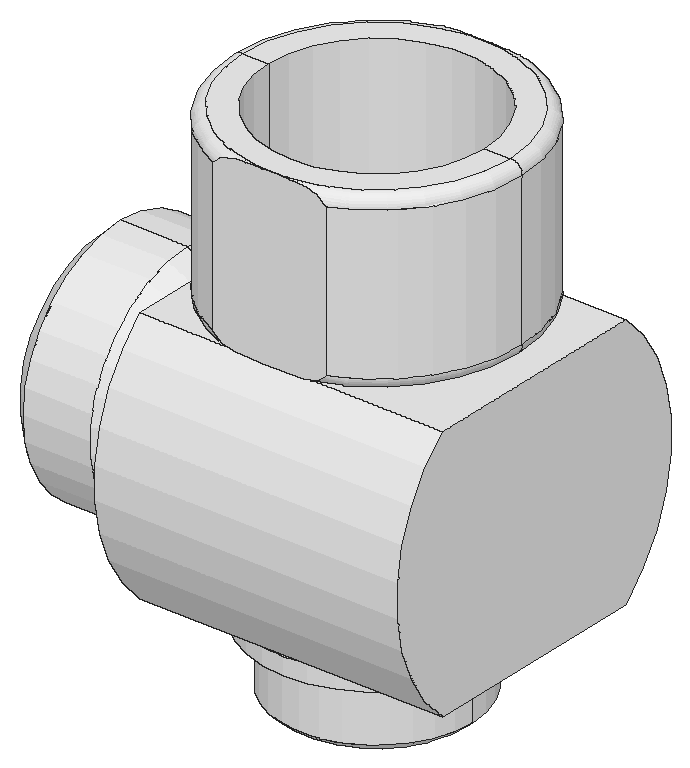
Revit family "PRD_AR_DrnngTps_DrainValve_ACXX2009", category Plumbing Fixtures, Revit 2020
Family settings
  Round Connector Dimension = Use Diameter
  Part Type = Normal
  OmniClass Number = 23.65.55.14.21
  OmniClass Title = Non-Return Valves for Liquid Services
  Work Plane-Based = No
  Always vertical = Yes
  Cut with Voids When Loaded = No
  Shared = No
  Room Calculation Point = No
Parameters (values of type "ACXX2009")
  WorkingPressure = 0.0 Pa
  WarrantyStartDate [instance] = "1900-12-31T23:59:59"
  WarrantyGuarantorParts = "n/a"
  WarrantyGuarantorLabor = "n/a"
  WarrantyDurationUnit = "year"
  WarrantyDurationParts = "n/a"
  WarrantyDurationLabor = "n/a"
  WarrantyDescription = "n/a"
  Version = "1"
  ValvePattern = "ANGLED_2_PORT"
  ValveOperation = "HYDRAULIC"
  ValveMechanism = "OTHER"
  Uniclass2015Version = "Products v1.32"
  Uniclass2015Title = "Draining taps"
  Uniclass2015Code = "Pr_65_54_95_27"
  URL = "www.kwc.com"
  TestPressure = 0.0 Pa
  TailorMade = "no"
  TagNumber [instance] = "n/a"
  SustainabilityPerformance = "n/a"
  Status = "New"
  Size = "0.000000000000"
  Shape = "n/a"
  SerialNumber [instance] = "n/a"
  Revision = "n/a"
  ReplacementCost = "n/a"
  Reference = "n/a"
  QuantityUom = "piece"
  Quantity = "1"
  ProductInformation = "http://pim.kwc.com/product/2030068123/attachment/datasheet?locale=en"
  NominalWidth = 0 mm
  NominalHeight = 0 mm
  NominalDepth = 0 mm
  Name = "Drain valve for automatic shower hose drainage ACXX2009"
  NBSTypeID = "n/a"
  NBSReference = "90-10-90/374"
  NBSOfficeMasterTag = "n/a"
  NBSNote = "n/a"
  NBSDescription = "Draining taps"
  NBSCertification = "n/a"
  ModelReference = "ACXX2009"
  ModelNumber = "2030068123"
  Model = "ACXX2009"
  Material = "n/a"
  ManufacturerURL = "www.kwc.com"
  ManufacturerName = "KWC Group AG"
  Manufacturer = "KWC Group AG"
  IntegralAccessories = "n/a"
  InstallationDate [instance] = "1900-12-31T23:59:59"
  IfcExportType = "USERDEFINED"
  IfcExportAs = "IfcValveType"
  Grade = "n/a"
  FlowCoefficient = 0
  Finish = "n/a"
  Features = "for installation on wall-mounted mixers with hand shower connection"
  ExpectedLife = "n/a"
  DurationUnit = "year"
  Description = "Drain valve for automatic shower hose drainage for installation on wall-mounted mixers with hand shower connection, G 1/2 x G 1/2 A, polished chromium-plated brass."
  Default Elevation = 0 mm
  CreateOn = "02/2024"  # constant formula
  Constituents = "n/a"
  Color = "n/a"
  CodePerformance = "n/a"
  CloseOffRating = 0.0 Pa
  Category = "Pr_65_54_95_27, Draining taps"
  BodyMaterial = PRD_AR_ChromatedBrass
  BarCode [instance] = "n/a"
  BIMObjectName = "PRD_AR_DrainingTaps_DrainValve_ACXX2009"
  Author = "Archispace"
  AssetType = "Fixed"
  AssetIdentifier [instance] = "n/a"
  AccessibilityPerformance = "n/a"
Reference planes
  plane 1 "Center (Front/Back)": y = 0
  plane 2: z = 0
  plane 3 "Center (Left/Right)": x = 0
Dimensions and locks
  aligned and locked: level to plane 2
Nested families
  nested 1: "ACXX2009" at (0, 0, 0), type "ACXX2009"
Definition of nested family "ACXX2009"
  Parameters (values of type "ACXX2009")
    Material = none
    Default Elevation = 0 mm
  Reference planes
    plane 1 "Center (Front/Back)": y = 0
    plane 2: z = 0
    plane 3 "Center (Left/Right)": x = 0
  Forms (mm)
    Extrusion 1, solid, material <- "Material", detail levels fine
      sketch origin (0, 0, 0) x (0, 1, 0) y (0, 0, 1)
        loop
          line (9.827, 11) -> (-9.827, 11)
          arc (-9.827, 11) -> (-14.75, 0) -> (-9.827, -11) r 14.75
          line (-9.827, -11) -> (9.827, -11)
          arc (9.827, -11) -> (14.75, 0) -> (9.827, 11) r 14.75
      from -12.5 to 13.513
    Revolve 2, solid, material <- "Material", detail levels fine
      sketch origin (0, 0, 0) x (1, 0, 0) y (0, 0, 1)
        loop
          line (-12.5, 6) -> (-12.5, 9.18) -> (-14, 9.18) -> (-16.252, 10.48) -> (-22, 10.48) -> (-23.5, 8.98) -> (-23.5, 6) -> (-12.5, 6)
        axis (-23.5, 0) -> (-12.5, 0)
      angle from 0 to 360
    Revolve 3, void
      sketch origin (0, 0, 0) x (1, 0, 0) y (0, 0, 1)
        loop
          line (-23.5, 0) -> (-8.05, 0) -> (-8.05, 6) -> (-23.5, 6) -> (-23.5, 0)
        axis (-23.5, 0) -> (-8.05, 0)
      angle from 0 to 360
    Revolve 4, solid, material <- "Material", detail levels fine
      sketch origin (0, 0, 0) x (1, 0, 0) y (0, 0, 1)
        loop
          line (-8, 11) -> (0, 11) -> (0, 15) -> (-9.315, 15) -> (-9.315, 27) -> (-11.5, 27)
          arc (-11.5, 27) -> (-12.207, 26.707) -> (-12.5, 26) r 1
          line (-12.5, 26) -> (-12.5, 13)
          arc (-12.5, 13) -> (-12.207, 12.293) -> (-11.5, 12) r 1
          line (-11.5, 12) -> (-8, 12) -> (-8, 11)
        loop
          line (-10, -11) -> (-10, -12.5) -> (-8.25, -12.5) -> (-8.25, -17.595)
          arc (-8.25, -17.595) -> (-7.076, -18.484) -> (-5.637, -18.8) r 3.436
          line (-5.637, -18.8) -> (0, -18.8) -> (0, -11) -> (-10, -11)
        axis (0, 27) -> (0, -18.8)
      angle from 0 to 360
    Extrusion 5, void
      sketch origin (0, 0, 0) x (1, 0, 0) y (0, 1, 0)
        loop
          line (-6.913, 11.5) -> (8.087, 11.5) -> (8.087, 14.169) -> (-6.913, 14.169) -> (-6.913, 11.5)
        loop
          line (-6.913, -11.5) -> (-6.913, -14.169) -> (8.087, -14.169) -> (8.087, -11.5) -> (-6.913, -11.5)
      from 11 to 28.757
    Extrusion 6, solid, material <- "Material", detail levels coarse+medium
      sketch origin (0, 0, 0) x (1, 0, 0) y (0, 1, 0)
        loop
          line (-23.5, 14.75) -> (-23.5, -14.75) -> (13.513, -14.75) -> (13.513, 14.75) -> (-23.5, 14.75)
      from -18.8 to 27
  Cuts and joins
    Revolve 3 cuts Extrusion 1
    joined: Extrusion 1, Revolve 2
    Extrusion 5 cuts Revolve 4
  Dimensions and locks
    aligned and locked: level to plane 2
